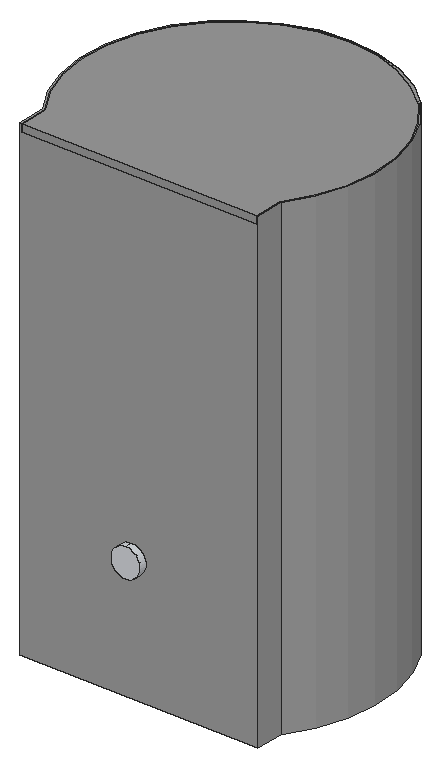
Revit family "MEP Bjørk Hand Dryer ", category Electrical Equipment, host Wall, Revit 2018
Family settings
  Host = Wall
  Panel Configuration = Two Columns, Circuits Across
  Round Connector Dimension = Use Diameter
  Part Type = Panelboard
  Always vertical = Yes
  Cut with Voids When Loaded = No
  Shared = No
  Room Calculation Point = No
Parameters (values of type "BIANCO MALE")
  Wattage = "Max 1600"
  Voltage = "230"
  URL = "http://www.dandryer.dk/da-dk/produkter/produktserie-%E2%80%93-bjork/3002-bjork-haandtoerrer--valgfri-ral-farve"
  Type Image = <None>
  Panel Name [instance] = (empty or 0)
  Offset from floor = 1100 mm
  Model = "Björk-3002"
  Manufacturer = "Dan Dryer"
  Description = "Touch-free hand dryer"
  Cost = 0
Types (6, lengths in mm): name | URL | Panel Name | Model
  BIRK | "http://www.dandryer.dk/da-dk/produkter/produktserie-%E2%80%93-bjork/3002-bjork-haandtoerrer--valgfri-ral-farve" | (empty or 0) | "Björk-3002"
  GEO WHITE | "http://www.dandryer.dk/da-dk/produkter/produktserie-%E2%80%93-bjork/3002-bjork-haandtoerrer--valgfri-ral-farve" | (empty or 0) | "Björk-3002"
  GRIGIO LONDRA | "http://www.dandryer.dk/da-dk/produkter/produktserie-%E2%80%93-bjork/3002-bjork-haandtoerrer--valgfri-ral-farve" | (empty or 0) | "Björk-3002"
  NEGRO INGO | "http://www.dandryer.dk/da-dk/produkter/produktserie-%E2%80%93-bjork/3002-bjork-haandtoerrer--valgfri-ral-farve" | (empty or 0) | "Björk-3002"
  OSLO | 0 | "Dandryer" | "Björk-Serie"
  BIANCO MALE | "http://www.dandryer.dk/da-dk/produkter/produktserie-%E2%80%93-bjork/3002-bjork-haandtoerrer--valgfri-ral-farve" | (empty or 0) | "Björk-3002"
Reference planes
  plane 1 "Wall": y = 0
  plane 2 "Center (Left/Right)": x = 125
  plane 3 "Back": y = 75
Forms (mm)
  Extrusion 1, solid, material "Blank Hvid", not visible
    sketch origin (0, 0, 0) x (1, 0, 0) y (0, 1, 0)
      loop
        arc (42.212, 95.366) -> (42.426, 94.946) -> (42.5, 94.481) r 1.5
        line (42.5, 94.481) -> (42.5, 75.3) -> (43.7, 75.3) -> (43.7, 94.481)
        arc (43.7, 94.481) -> (43.567, 95.318) -> (43.181, 96.073) r 2.7
        arc (43.181, 96.073) -> (125, 257.1) -> (206.819, 96.073) r 101.3
        arc (206.819, 96.073) -> (206.433, 95.318) -> (206.3, 94.481) r 2.7
        line (206.3, 94.481) -> (206.3, 75.3) -> (207.5, 75.3) -> (207.5, 94.481)
        arc (207.5, 94.481) -> (207.574, 94.946) -> (207.788, 95.366) r 1.5
        arc (207.788, 95.366) -> (125, 258.3) -> (42.212, 95.366) r 102.5
    from 900 to 1230
  Extrusion 2, void, not visible
    sketch origin (207.5, 94.481, 0) x (0, 1, 0) y (0, 0, -1)
      loop
        line (-19.181, -1225) -> (-19.181, -1230) -> (6.154, -1230)
        arc (6.154, -1230) -> (3.068, -1228.36) -> (2.105, -1225) r 4.47
        line (2.105, -1225) -> (-19.181, -1225)
    from -10.952 to 170.161
  Extrusion 3, void, not visible
    sketch origin (207.5, 94.481, 2130) x (0, 1, 0) y (0, 0, -1)
      loop
        line (-19.181, 1225) -> (2.105, 1225)
        arc (2.105, 1225) -> (3.068, 1228.36) -> (6.154, 1230) r 4.47
        line (6.154, 1230) -> (-19.181, 1230) -> (-19.181, 1225)
    from -6 to 179.451
  Extrusion 4, solid, not visible
    sketch origin (207.5, 75.3, 907) x (0, 1, 0) y (-1, 0, 0)
      loop
        line (0, 163.8) -> (0, 1.2) -> (19.181, 1.2)
        arc (19.181, 1.2) -> (20.018, 1.067) -> (20.773, 0.681) r 2.7
        arc (20.773, 0.681) -> (181.8, 82.5) -> (20.773, 164.319) r 101.3
        arc (20.773, 164.319) -> (20.018, 163.933) -> (19.181, 163.8) r 2.7
        line (19.181, 163.8) -> (0, 163.8)
    from 0 to -2
  Extrusion 5, void, not visible
    sketch origin (206.3, 75.3, 0) x (-1, 0, 0) y (0, 0, 1)
      loop
        arc (83.312, 976) -> (81.303, 978.014) -> (79.288, 976) r 2.012
        line (79.288, 976) -> (79.285, 930)
        arc (79.285, 930) -> (81.297, 927.986) -> (83.312, 930) r 2.012
        line (83.312, 930) -> (83.312, 976)
    from 174.915 to 189.234
  Extrusion 6, solid, not visible
    sketch origin (206.3, 75.3, 0) x (1, 0, 0) y (0, 0, 1)
      loop
        line (-83.312, 975.984) -> (-83.312, 930)
        arc (-83.312, 930) -> (-81.291, 928.118) -> (-79.287, 930.016) r 2.015
        line (-79.287, 930.016) -> (-79.288, 976)
        arc (-79.288, 976) -> (-81.309, 977.882) -> (-83.312, 975.984) r 2.015
    from -182.98 to -174.915
  Extrusion 7, solid, material "RAL FARVE", not visible
    sketch origin (0, 0, 0) x (1, 0, 0) y (0, 1, 0)
      loop
        arc (42.212, 95.366) -> (42.426, 94.946) -> (42.5, 94.481) r 1.5
        line (42.5, 94.481) -> (42.5, 75.3) -> (43.7, 75.3) -> (43.7, 94.481)
        arc (43.7, 94.481) -> (43.567, 95.318) -> (43.181, 96.073) r 2.7
        arc (43.181, 96.073) -> (125, 257.1) -> (206.819, 96.073) r 101.3
        arc (206.819, 96.073) -> (206.433, 95.318) -> (206.3, 94.481) r 2.7
        line (206.3, 94.481) -> (206.3, 75.3) -> (207.5, 75.3) -> (207.5, 94.481)
        arc (207.5, 94.481) -> (207.574, 94.946) -> (207.788, 95.366) r 1.5
        arc (207.788, 95.366) -> (125, 258.3) -> (42.212, 95.366) r 102.5
    from 900 to 1230
  Extrusion 8, solid
    sketch origin (42.5, 75, 1430) x (0, 0, -1) y (1, 0, 0)
      loop
        circle (243.451, 77.322) r 10
    from 0 to 5
Text (mm)
  text "Placement Side" at (-1848.837, 1116.779, 0), in view "Ref. Level"
  text "Placement side" at (0, 1409.804, 2854.306), in view "Left"
  text "Placement side" at (0, 499.811, 2980.732), in view "Right"
Dimensions and locks
  locked: plane 3 "Back" to host wall
  "Offset from floor": level to nested 1
  aligned and locked: plane 1 "Wall" to host wall
  aligned and locked: plane 3 "Back" to nested 1  (x3)
Automatic sketch dimensions
  nested 1 to Extrusion 8 sketch curve = 86.549 mm
  nested 1 to Extrusion 8 sketch curve = 76.122 mm
  radius of Extrusion 8 sketch curve = 10 mm
Nested families
  nested 1: "Master Handdryer" at (125, 75, 1100), type "Master Handdryer"
Connectors
  electrical at (119.823, 70, 1186.549)
    settings: on Extrusion 8, index 1, voltage 230 V, apparent load 0 VA, apparent load phase1 0 VA, apparent load phase2 0 VA, apparent load phase3 0 VA, power factor 1, load classification "Other", number of poles 1, system type 30, power factor state 0, is connector primary yes, connector utility no, sub classification motor no, connector description "Hand Dryer"
Definition of nested family "Master Handdryer"
  Parameters (values of type "Master Handdryer")
    Surface Top = none
    Surface Front = none
  Reference planes
    plane 1 "Center (Front/Back)": y = 0
    plane 2: z = 0
    plane 3 "Center (Left/Right)": x = 0
  Forms (mm)
    Extrusion 1, solid, material <- "Surface Front"
      sketch origin (0, 0, 0) x (1, 0, 0) y (0, 1, 0)
        loop
          arc (82.5, 19.672) -> (0, 183) -> (-82.5, 19.672) r 102.5
          line (-82.5, 19.672) -> (-82.5, 0) -> (82.5, 0) -> (82.5, 19.672)
      from 0 to 330
    Extrusion 2, solid, material <- "Surface Top"
      sketch origin (0, 0, 330) x (1, 0, 0) y (0, 1, 0)
        loop
          arc (81.3, 20.068) -> (0, 181.8) -> (-81.3, 20.068) r 101.3
          line (-81.3, 20.068) -> (-81.3, 0) -> (81.3, 0) -> (81.3, 20.068)
      from 0 to -5
    Extrusion 3, void
      sketch origin (0, 0, 0) x (1, 0, 0) y (0, 1, 0)
        loop
          line (-81.3, 0) -> (81.3, 0) -> (81.3, 20.068)
          arc (81.3, 20.068) -> (0, 181.8) -> (-81.3, 20.068) r 101.3
          line (-81.3, 20.068) -> (-81.3, 0)
      from 325 to 330
  Cuts and joins
    Extrusion 3 cuts Extrusion 1
  Dimensions and locks
    aligned and locked: level to plane 2
